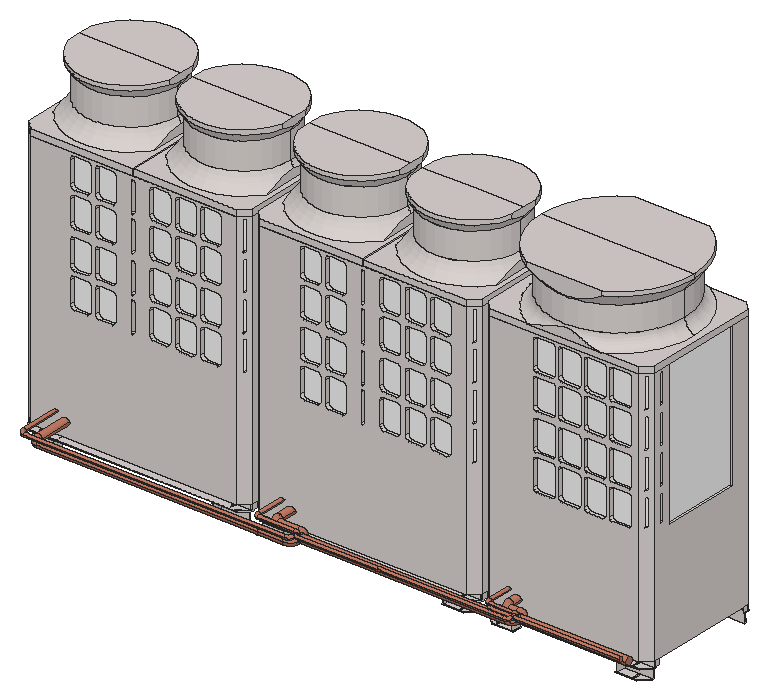
Revit family "PUHY-EP1000YSNW-A", category Mechanical Equipment, Revit 2012 (continued)
Definition of nested family "PUHY-EP250YNW-A"
  Definition of nested family "FAN GUARD"
    Automatic sketch dimensions
      curve 7 to curve 29 = 13.66 mm
      curve 29 to curve 28 = 14.663 mm
      curve 46 to curve 45 = 14.663 mm
      curve 45 to curve 44 = 12.965 mm
      curve 28 to curve 27 = 12.965 mm
      curve 44 to curve 13 = 8.712 mm
      curve 27 to curve 23 = 8.712 mm
      curve 15 to curve 13 = 0 mm
      curve 44 to curve 42 = 8.712 mm
      curve 16 to curve 15 = 0 mm
      curve 22 to curve 23 = 0 mm
      curve 13 to curve 17 = 0 mm
      curve 17 to curve 19 = 0 mm
      Revolve 2 sketch curve to plane 3 "中心(左/右)" = 0 mm
      Revolve 2 sketch curve to plane 10 "ファンガード上面" = 0 mm
      plane 9 "ファンガード基準上面" to Revolve 2 sketch curve = 70.141 mm
      Revolve 2 sketch curve to Revolve 2 sketch curve = 18.161 mm
      Revolve 2 sketch curve to level = 1700.815 mm
      Revolve 2 sketch curve to plane 10 "ファンガード上面" = 93.336 mm
      Revolve 2 sketch curve to plane 10 "ファンガード上面" = 24 mm
      Revolve 2 sketch curve to Revolve 2 sketch curve = 790.769 mm
      Revolve 2 sketch curve to Revolve 2 sketch curve = 17.668 mm
  Definition of nested family "BASE LEG"
    Parameters (values of type "BASE LEG")
      Width [instance] = 920 mm
    Reference planes
      plane 1 "中心(正面/背面)": y = 0
      plane 2: z = 0
      plane 3 "中心(左/右)": x = 0
      plane 4: x = 460
      plane 5: x = -460
      plane 6: x = -380
      plane 7: x = 380
      plane 8: y = -18
      plane 9: y = 39
      plane 10: z = 53
      plane 11: y = 42
      plane 12: y = 27
      plane 13: x = 415
      plane 14: x = -415
      plane 15: z = 8
      plane 16: y = 11.5
      plane 17: z = 35
    Forms (mm)
      Extrusion 1, solid, material "Paint_5Y 8/1"
        sketch origin (0, 0, 0) x (0, 1, 0) y (0, 0, 1)
          loop
            line (-18, 0) -> (36, 0) -> (36, 32) -> (56, 32) -> (56, 35) -> (33, 35) -> (33, 3) -> (-18, 3) -> (-18, 0)
        from -460 to 460
      Extrusion 2, void
        sketch origin (0, 0, 0) x (1, 0, 0) y (0, 1, 0)
          loop
            line (415, -18) -> (460, -18) -> (460, 27) -> (415, -18)
          loop
            line (-415, -18) -> (-460, 27) -> (-460, -18) -> (-415, -18)
        from 0 to 250
      Extrusion 3, void
        sketch origin (0, 12.023, 0) x (1, 0, 0) y (0, 1, 0)
          loop
            arc (373, -2.971) -> (380, -9.971) -> (387, -2.971) r 7
            line (387, -2.971) -> (387, 3.023)
            arc (387, 3.023) -> (380, 10.023) -> (373, 3.023) r 7
            line (373, 3.023) -> (373, -2.971)
          loop
            line (-373, -2.971) -> (-373, 3.023)
            arc (-373, 3.023) -> (-380, 10.023) -> (-387, 3.023) r 7
            line (-387, 3.023) -> (-387, -2.971)
            arc (-387, -2.971) -> (-380, -9.971) -> (-373, -2.971) r 7
        from 0 to 250
      Extrusion 4, solid, material "Paint_5Y 8/1"
        sketch origin (0, 0, -3) x (1, 0, 0) y (0, 0, 1)
          loop
            line (457, 8) -> (460, 8) -> (460, 35) -> (457, 35) -> (457, 8)
          loop
            line (-457, 8) -> (-457, 35) -> (-460, 35) -> (-460, 8) -> (-457, 8)
        from -36 to -56
      Extrusion 5, solid, material "Paint_5Y 8/1"
        sketch origin (150, 352, 0) x (1, 0, 0) y (0, 1, 0)
          loop
            line (310, -319) -> (305, -319) -> (305, -320) -> (255, -370) -> (260, -370) -> (310, -320) -> (310, -319)
        from 3 to 35
      Extrusion 6, void
        sketch origin (410, -18, 0) x (0.707107, 0.707107, 0) y (0, 0, 1)
          loop
            line (70.711, 3) -> (-6.741, 39.767) -> (-6.741, 3) -> (70.711, 3)
        from -190.256 to 23.776
      Extrusion 7, solid, material "Paint_5Y 8/1"
        sketch origin (-150, 352, 0) x (-1, 0, 0) y (0, -1, 0)
          loop
            line (310, 319) -> (310, 320) -> (260, 370) -> (255, 370) -> (305, 320) -> (305, 319) -> (310, 319)
        from 3 to 35
      Extrusion 8, void
        sketch origin (-410, -18, 0) x (0.707107, -0.707107, 0) y (0, 0, -1)
          loop
            line (-70.711, -3) -> (0, -35) -> (6.741, -35) -> (6.741, -3) -> (-70.711, -3)
        from -190.256 to 23.776
    Cuts and joins
      Extrusion 2, Extrusion 3 cuts Extrusion 1
      joined: Extrusion 1, Extrusion 4
      Extrusion 8 cuts Extrusion 7
      Extrusion 6 cuts Extrusion 5
    Dimensions and locks
      "Width": plane 5 to plane 4
      equal spacing: plane 5, plane 3 "中心(左/右)", plane 4
      locked: plane 5 to plane 6 at 80
      locked: plane 7 to plane 4 at 80
      locked: plane 8 to plane 9 at 57
      locked: plane 10 to level at 53
      locked: plane 9 to plane 11 at 3
      plane 8 to plane 12 = 45 mm
      locked: plane 13 to plane 4 at 45
      locked: plane 5 to plane 14 at 45
      equal spacing: Extrusion 3 sketch curve, plane 7, Extrusion 3 sketch curve
      equal spacing: Extrusion 3 sketch curve, plane 6, Extrusion 3 sketch curve
      locked: plane 10 to plane 15 at 45
      locked: cut or joined group of Extrusion 1, Extrusion 2, Extrusion 3, Extrusion 4 to Extrusion 4 sketch curve at 3  (x2)
      locked: plane 8 to plane 16 at 29.5
      plane 8 to plane 11 = 60 mm
      cut or joined group of Extrusion 1, Extrusion 2, Extrusion 3, Extrusion 4 to cut or joined group of Extrusion 1, Extrusion 2, Extrusion 3, Extrusion 4 = 35 mm
      aligned and locked: level to plane 2
      aligned and locked: plane 8 to Extrusion 1 sketch curve
      aligned and locked: plane 4 to Extrusion 1
      aligned and locked: Extrusion 1 to plane 5
      aligned and locked: Extrusion 2 sketch curve to plane 4
      aligned and locked: Extrusion 2 sketch curve to plane 8
      aligned and locked: plane 12 to Extrusion 2 sketch curve
      aligned and locked: plane 13 to Extrusion 2 sketch curve
      aligned and locked: plane 4 to Extrusion 4 sketch curve
      aligned and locked: plane 5 to Extrusion 4 sketch curve
      aligned and locked: cut or joined group of Extrusion 7, Extrusion 8 to cut or joined group of Extrusion 1, Extrusion 2, Extrusion 3, Extrusion 4
    Automatic sketch dimensions
      Extrusion 3 sketch curve to plane 1 "中心(正面/背面)" = 9.052 mm  (x2)
      Extrusion 3 sketch curve to plane 7 = 7 mm
      Extrusion 3 sketch curve to plane 1 "中心(正面/背面)" = 15.046 mm  (x2)
      Extrusion 3 sketch curve to plane 6 = 7 mm
      Extrusion 2 sketch curve to plane 5 = 0 mm
      plane 8 to Extrusion 2 sketch curve = 0 mm
      Extrusion 2 sketch curve to plane 14 = 0 mm
      plane 12 to Extrusion 2 sketch curve = 0 mm
      Extrusion 4 sketch curve to plane 10 = 21 mm
      plane 7 to Extrusion 5 sketch curve = 25 mm
      Extrusion 5 sketch curve to Extrusion 5 sketch curve = 5 mm  (x2)
      plane 7 to Extrusion 5 sketch curve = 75 mm
      plane 8 to Extrusion 5 sketch curve = 0 mm
      Extrusion 5 sketch curve to Extrusion 5 sketch curve = 50 mm
      Extrusion 5 sketch curve to Extrusion 5 sketch curve = 0 mm
      Extrusion 5 sketch curve to Extrusion 5 sketch curve = 1 mm
      Extrusion 6 sketch curve to Extrusion 5 = 0 mm  (x2)
      Extrusion 6 sketch curve to Extrusion 5 = 6.741 mm
      Extrusion 6 sketch curve to Extrusion 5 = 4.767 mm
      plane 6 to Extrusion 7 sketch curve = 25 mm
      Extrusion 7 sketch curve to Extrusion 7 sketch curve = 5 mm  (x2)
      Extrusion 7 sketch curve to Extrusion 7 sketch curve = 45 mm
      Extrusion 7 sketch curve to plane 8 = 0 mm
      Extrusion 7 sketch curve to Extrusion 7 sketch curve = 50 mm
      Extrusion 7 sketch curve to Extrusion 7 sketch curve = 0 mm
      Extrusion 7 sketch curve to Extrusion 7 sketch curve = 1 mm
      Extrusion 8 sketch curve to Extrusion 7 = 0 mm  (x2)
      Extrusion 7 to Extrusion 8 sketch curve = 0 mm  (x2)
      Extrusion 7 to Extrusion 8 sketch curve = 6.741 mm
      Extrusion 4 sketch curve to plane 17 = 3 mm
      Extrusion 4 sketch curve to plane 15 = 3 mm  (x2)
      Extrusion 1 sketch curve to plane 17 = 0 mm
      Extrusion 1 sketch curve to level = 0 mm
      level to Extrusion 1 sketch curve = 3 mm
      plane 9 to Extrusion 1 sketch curve = 6 mm
      plane 9 to Extrusion 1 sketch curve = 3 mm
      Extrusion 1 sketch curve to plane 17 = 3 mm
      Extrusion 1 sketch curve to plane 11 = 14 mm
  Definition of nested family "ATTACHMENT LEG"
    Parameters (values of type "ATTACHMENT LEG")
      Width = 145 mm
    Reference planes
      plane 1: z = 0
      plane 2 "中心(左/右)": x = -6
      plane 3: x = -52
      plane 4: x = 85
      plane 5: x = 93
      plane 6: y = -21
      plane 7: y = 27
      plane 8: x = -30
      plane 9: y = 39
      plane 10: z = 60
      plane 11: z = 57
      plane 12: z = 3
      plane 13: x = 82
      plane 14: y = 36
      plane 15: x = -75
      plane 16: y = 31
      plane 17 "幅": x = 93
      plane 18: y = 2.5
      plane 19: y = 21
      plane 20: y = -10
    Forms (mm)
      Extrusion 1, solid, material "Paint_5Y 8/1"
        sketch origin (0, -1, 0) x (1, 0, 0) y (0, 1, 0)
          loop
            line (-75, 36) -> (-75, 27) -> (-28, -20) -> (93, -20) -> (93, 32) -> (85, 32) -> (85, 36) -> (-75, 36)
        from 0 to 60
      Extrusion 2, void
        sketch origin (0, -3, 0) x (1, 0, 0) y (0, 0, 1)
          loop
            line (-75, 57) -> (-75, 3) -> (82, 3) -> (82, 57) -> (-75, 57)
          loop
            line (93, 57) -> (85, 57) -> (85, 3) -> (93, 3) -> (93, 57)
        from -35 to 18
      Extrusion 3, void
        sketch origin (-6, 5.5, 0) x (1, 0, 0) y (0, 1, 0)
          loop
            arc (-7, -8.5) -> (0, -15.5) -> (7, -8.5) r 7
            line (7, -8.5) -> (7, 8.5)
            arc (7, 8.5) -> (0, 15.5) -> (-7, 8.5) r 7
            line (-7, 8.5) -> (-7, -8.5)
        from 0 to 60
    Cuts and joins
      Extrusion 2, Extrusion 3 cuts Extrusion 1
    Dimensions and locks
      locked: plane 3 to plane 4 at 137
      locked: plane 3 to plane 5 at 145
      plane 6 to plane 7 = 48 mm
      locked: plane 10 to level at 60
      Extrusion 3 sketch curve to plane 2 "中心(左/右)" = 7 mm
      locked: plane 15 to plane 2 "中心(左/右)" at 69
      locked: plane 15 to plane 8 at 45
      locked: plane 6 to plane 18 at 23.5
      cut or joined group of Extrusion 1, Extrusion 2, Extrusion 3 to cut or joined group of Extrusion 1, Extrusion 2, Extrusion 3 = 168 mm
      cut or joined group of Extrusion 1, Extrusion 2, Extrusion 3 to cut or joined group of Extrusion 1, Extrusion 2, Extrusion 3 = 56 mm  (x2)
      plane 14 to plane 6 = 57 mm
      aligned and locked: level to plane 1
      aligned and locked: Extrusion 1 sketch curve to plane 4
      aligned and locked: Extrusion 1 sketch curve to plane 5
      aligned: plane 8 to Extrusion 1 sketch curve
      aligned and locked: plane 10 to Extrusion 1
      aligned and locked: Extrusion 2 sketch curve to plane 11
      aligned: plane 3 to Extrusion 2 sketch curve
      aligned and locked: plane 12 to Extrusion 2 sketch curve
      aligned and locked: Extrusion 2 sketch curve to plane 13
      aligned and locked: plane 6 to Extrusion 2
      aligned and locked: plane 11 to Extrusion 2 sketch curve
      aligned and locked: plane 5 to Extrusion 2 sketch curve
      aligned and locked: Extrusion 2 sketch curve to plane 12
      aligned and locked: Extrusion 2 sketch curve to plane 4
      aligned and locked: plane 15 to Extrusion 1 sketch curve
      aligned and locked: Extrusion 2 sketch curve to cut or joined group of Extrusion 1, Extrusion 2, Extrusion 3
      aligned and locked: Extrusion 1 to plane 16
Types (6, lengths in mm): name | Voltage | Hertz | Heating Current (A) | Cooling Current (A)
  PUHY-EP1000YSNW-A_380V_50Hz | 380 V | 50 Hz | 48.4 | 42.7
  PUHY-EP1000YSNW-A_380V_60Hz | 380 V | 60 Hz | 48.4 | 42.7
  PUHY-EP1000YSNW-A_400V_50Hz | 400 V | 50 Hz | 46 | 40.6
  PUHY-EP1000YSNW-A_400V_60Hz | 400 V | 60 Hz | 46 | 40.6
  PUHY-EP1000YSNW-A_415V_50Hz | 415 V | 50 Hz | 44.3 | 39.1
  PUHY-EP1000YSNW-A_415V_60Hz | 415 V | 60 Hz | 44.3 | 39.1
